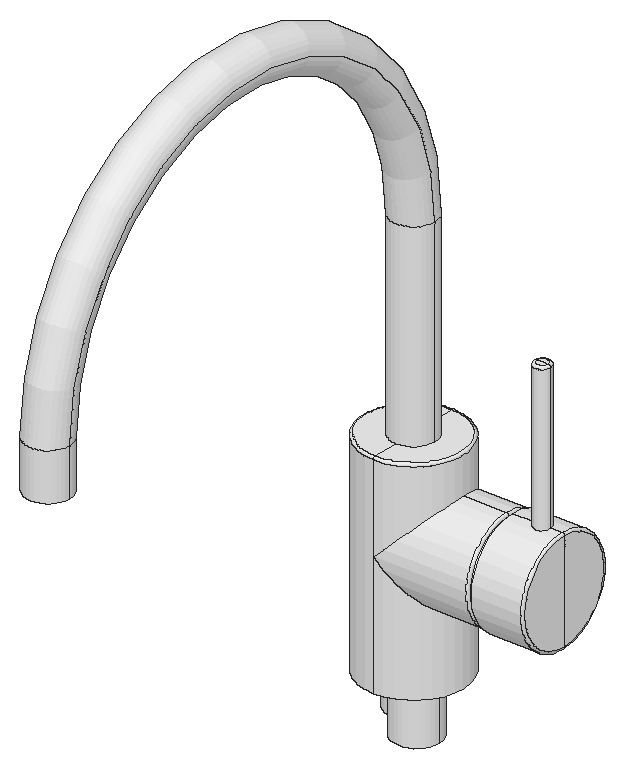
Revit family "Mixer-Sink-Irwell Pin Lever-Gooseneck1", category Plumbing Fixtures, host Face, Revit 2013
Parameters (values of type "Standard")
  Waste Connection = no
  Vent Connection = no
  URL = "www.irwell.com.au"
  Type Comments = "Irwell Pin Lever Sink Mixer - Gooseneck Outlet"  # constant formula
  ModifiedIssue_ANZRS = 2013.1  # constant formula
  Model = "872554C4A"  # constant formula
  Material_ANZRS = Metal-Chrome-Caroma
  Manufacturer = "GWA Bathrooms & Kitchens"  # constant formula
  HWFU = 1.98  # constant formula
  HW Connection = yes
  Description = "WELS 4 Star Rated, 7.5L/min"  # constant formula
  Default Elevation = 0 mm
  CreatedBy_ANZRS = "Design Content"  # constant formula
  CreatedByURL_ANZRS = "www.designcontent.com.au"
  Cost = 0
  Connector Radius = 10 mm
  CWFU = 1.98  # constant formula
  CW Connection = yes
  Assembly Code = "C1030210"
Reference planes
  plane 1 "Center (Front/Back)": y = 0
  plane 2: z = 0
  plane 3 "Center (Left/Right)": x = 0
Forms (mm)
  Revolve 1, solid, material "Metal-Chrome-Caroma" <- "Material_ANZRS"
    sketch origin (0, 0, 0) x (1, 0, 0) y (0, 0, 1)
      loop
        line (58.974, 140.027) -> (56.427, 140.027) -> (56.427, 65.045) -> (59.951, 65.045) -> (59.951, 139.051)
        arc (59.951, 139.051) -> (59.665, 139.741) -> (58.974, 140.027) r 0.977
      axis (56.427, 140.027) -> (56.427, 65.045)
    angle from 0 to 360
  Extrusion 2, solid, material "Metal-Chrome-Caroma" <- "Material_ANZRS"
    sketch origin (14.142, 0, 0) x (1, 0, 0) y (0, 1, 0)
      loop
        circle (-7.071, -7.071) r 10
    from -20 to 0
  Extrusion 3, solid, material "Metal-Chrome-Caroma" <- "Material_ANZRS"
    sketch origin (-14.142, 0, 0) x (-1, 0, 0) y (0, -1, 0)
      loop
        circle (-7.071, -7.071) r 10
    from -20 to 0
  Revolve 4, solid, material "Metal-Chrome-Caroma" <- "Material_ANZRS"
    sketch origin (0, 0, 0) x (0, 1, 0) y (0, 0, 1)
      loop
        line (-21.949, 0) -> (0, 0) -> (0, 92.5) -> (-20.952, 92.5)
        arc (-20.952, 92.5) -> (-21.657, 92.208) -> (-21.949, 91.503) r 0.997
        line (-21.949, 91.503) -> (-21.949, 0)
      axis (0, 0) -> (0, 92.5)
    angle from 0 to 360
  Sweep 5, solid, material "Metal-Chrome-Caroma" <- "Material_ANZRS"
    path origin (0, 0, 0) x (0, 1, 0) y (0, 0, 1)
      loop
        line (0, 92.5) -> (0, 178.625)
        arc (0, 178.625) -> (-100.002, 278.627) -> (-200.005, 178.625) r 100.002
        line (-200.005, 178.625) -> (-200.005, 157.852)
    profile origin (0, 0, 135.563) x (0, -1, 0) y (1, 0, 0)
      loop
        circle (0, 0) r 9.5
  Revolve 6, solid, material "Metal-Chrome-Caroma" <- "Material_ANZRS"
    sketch origin (31.461, 0, 9.021) x (1, 0, 0) y (0, 0, 1)
      loop
        line (-31.461, 44.479) -> (34.548, 44.479) -> (34.548, 66.204)
        arc (34.548, 66.204) -> (34.255, 66.911) -> (33.548, 67.204) r 1
        line (33.548, 67.204) -> (12.048, 67.204) -> (12.048, 64.957)
        arc (12.048, 64.957) -> (11.051, 65.214) -> (10.042, 65.418) r 19.477
        arc (10.042, 65.418) -> (9.748, 66.128) -> (9.039, 66.422) r 1.004
        line (9.039, 66.422) -> (-31.461, 66.422) -> (-31.461, 44.479)
      axis (-31.461, 44.479) -> (34.548, 44.479)
    angle from 0 to 360
Cuts and joins
  joined: Revolve 1, Revolve 4, Sweep 5, Revolve 6
Lines and regions (mm)
  Masking region 1
    outline origin (0, 0, 0) x (1, 0, 0) y (0, 0, 1)
      loop
        line (21.981, 0) -> (21.981, 31.556) -> (40.5, 31.556)
        arc (40.5, 31.556) -> (41.21, 31.85) -> (41.504, 32.56) r 1.004
        arc (41.504, 32.56) -> (42.513, 32.764) -> (43.51, 33.022) r 19.477
        line (43.51, 33.022) -> (43.51, 30.774) -> (65.01, 30.774)
        arc (65.01, 30.774) -> (65.717, 31.067) -> (66.01, 31.774) r 1
        line (66.01, 31.774) -> (66.01, 53.5) -> (66.01, 75.226)
        arc (66.01, 75.226) -> (65.717, 75.933) -> (65.01, 76.226) r 1
        line (65.01, 76.226) -> (59.951, 76.226) -> (59.951, 139.028)
        arc (59.951, 139.028) -> (59.658, 139.735) -> (58.951, 140.028) r 1
        line (58.951, 140.028) -> (53.903, 140.028)
        arc (53.903, 140.028) -> (53.196, 139.735) -> (52.903, 139.028) r 1
        line (52.903, 139.028) -> (52.903, 76.226) -> (43.51, 76.226) -> (43.51, 73.978)
        arc (43.51, 73.978) -> (42.513, 74.236) -> (41.504, 74.44) r 19.477
        arc (41.504, 74.44) -> (41.21, 75.15) -> (40.5, 75.444) r 1.004
        line (40.5, 75.444) -> (21.981, 75.444) -> (21.981, 91.503)
        arc (21.981, 91.503) -> (21.689, 92.208) -> (20.984, 92.5) r 0.997
        line (20.984, 92.5) -> (9.5, 92.5) -> (9.5, 278.594)
        arc (9.5, 278.594) -> (0, 288.094) -> (-9.5, 278.594) r 9.5
        line (-9.5, 278.594) -> (-9.5, 92.5) -> (-20.984, 92.5)
        arc (-20.984, 92.5) -> (-21.689, 92.208) -> (-21.981, 91.503) r 0.997
        line (-21.981, 91.503) -> (-21.981, 0) -> (21.981, 0)
  Masking region 2
    outline origin (0, 0, 0) x (1, 0, 0) y (0, 1, 0)
      loop
        line (9.5, -200.005) -> (9.5, -21.944) -> (40.5, -21.944)
        arc (40.5, -21.944) -> (41.21, -21.65) -> (41.504, -20.94) r 1.004
        arc (41.504, -20.94) -> (42.513, -20.736) -> (43.51, -20.478) r 19.477
        line (43.51, -20.478) -> (43.51, -22.726) -> (65.01, -22.726)
        arc (65.01, -22.726) -> (65.717, -22.433) -> (66.01, -21.726) r 1
        line (66.01, -21.726) -> (66.01, 21.726)
        arc (66.01, 21.726) -> (65.717, 22.433) -> (65.01, 22.726) r 1
        line (65.01, 22.726) -> (43.51, 22.726) -> (43.51, 20.478)
        arc (43.51, 20.478) -> (42.513, 20.736) -> (41.504, 20.94) r 19.477
        arc (41.504, 20.94) -> (41.21, 21.65) -> (40.5, 21.944) r 1.004
        line (40.5, 21.944) -> (-0.472, 21.944)
        arc (-0.472, 21.944) -> (-21.452, 4.641) -> (-9.5, -19.786) r 21.949
        line (-9.5, -19.786) -> (-9.5, -200.005)
        arc (-9.5, -200.005) -> (0, -209.505) -> (9.5, -200.005) r 9.5
  symbolic lines
    curve 1: line (0, 0, 53.5) -> (21.949, 0, 75.444)
    curve 2: line (0, 0, 53.5) -> (21.981, 0, 31.556)
    curve 3: line (41.504, 0, 32.56) -> (41.504, 0, 74.44)
    curve 4: line (43.51, 0, 73.978) -> (43.51, 0, 33.022)
    curve 5: arc (52.903, 0, 76.226) -> (56.427, 0, 75.942) -> (59.951, 0, 76.226) r 22.007
    curve 6: line (-9.5, 0, 92.5) -> (9.5, 0, 92.5)
    curve 7: line (-9.5, 0, 157.852) -> (9.5, 0, 157.852)
    curve 8: arc (9.5, -19.786, 0) -> (0, 21.949, 0) -> (-9.5, -19.786, 0) r 21.949
    curve 9: line (9.5, -21.944, 0) -> (9.5, 0, 0)
    curve 10: line (-9.5, -19.786, 0) -> (-9.5, 0, 0)
    curve 11: arc (-9.5, 0, 0) -> (0, 9.5, 0) -> (9.5, 0, 0) r 9.5
    curve 12: arc (59.951, 0, 0) -> (56.427, 3.524, 0) -> (52.903, 0, 0) r 3.524
    curve 13: arc (52.903, 0, 0) -> (56.427, -3.524, 0) -> (59.951, 0, 0) r 3.524
    curve 14: line (43.51, 20.478, 0) -> (43.51, -20.478, 0)
    curve 15: line (41.504, 20.94, 0) -> (41.504, -20.94, 0)
Dimensions and locks
  aligned and locked: plane 2 to host face
  aligned and locked: level to host face
Connectors
  piping at (7.071, -7.071, -20), driven by "Connector Radius", driven by "CWFU"
    settings: on Extrusion 2, index 3, connector radius 0.3937", flow factor 0, pipe flow 0 GPM, pressure drop 0.00 psi, fitting loss kfactor 0, connector angle 0.00°, fixture units 1.98, engagement length 0 mm, flow configuration 3, flow direction 1, fitting loss method 1, system type 20, joint type 0, gender type 0, connector reference index -1, connector utility 0, adjustable connector no, is connector primary yes, fitting loss table "Outlet", connector description "Cold Inlet"
  piping at (-7.071, 7.071, -20), driven by "Connector Radius", driven by "HWFU"
    settings: on Extrusion 3, index 4, connector radius 0.3937", flow factor 0, pipe flow 0 GPM, pressure drop 0.00 psi, fitting loss kfactor 0, connector angle 0.00°, fixture units 1.98, engagement length 0 mm, flow configuration 3, flow direction 1, fitting loss method 1, system type 19, joint type 0, gender type 0, connector reference index -1, connector utility 0, adjustable connector no, is connector primary no, fitting loss table "Outlet", connector description "Hot Inlet"
